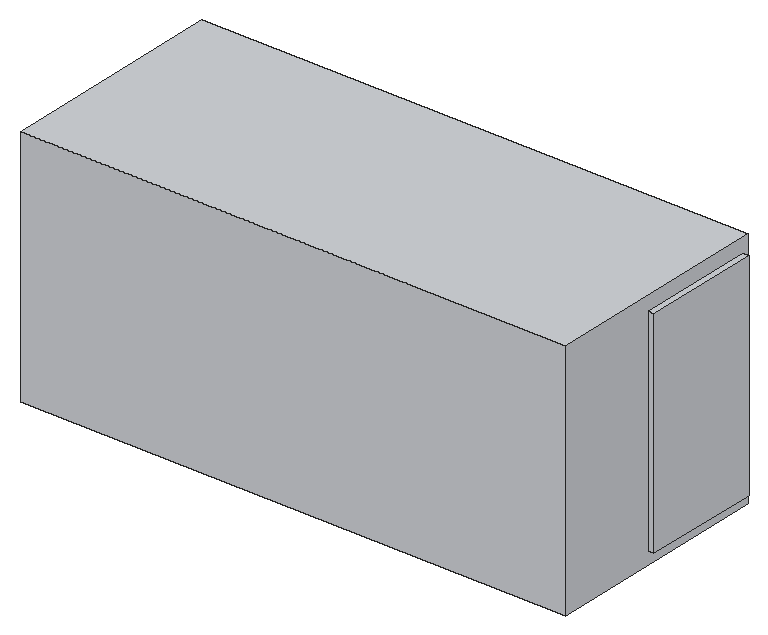
Revit family "M_Unidade de manipulação de ar - Sistema de divisão - Horizontal", category Equipamento mecânico, Revit 2019
Family settings
  Cota do conector redondo = Usar raio
  Tipo de parte = Normal
  Número OmniClass = 23.75.35.14.17
  Título OmniClass = Modular Indoor Air Handling Units
  ID de item do Seek = Air Handling Unit - Split System - Horizontal-0000-CAN-ENU
  Com base no plano de trabalho = Não
  Sempre na vertical = Sim
  Corte com vazios quando carregada = Não
  Compartilhado = Não
  Ponto de cálculo do ambiente = Não
Parameters (values of type "31600000 J")
  Largura = 540 mm
  Voltagem = 208 V
  Classificação de carga = Refrigeração
  Pressão estática externa [instance] = 124.0 Pa
  Fluxo de ar de fornecimento [instance] = 361.0 L/s
  Retorno do fluxo de ar [instance] = 361.0 L/s
  Pólos = 3
  Comprimento = 1296 mm
  Altura = 575 mm
  Capacidade de aquecimento = 34816843 J
  Cota H = Comprimento - Cota G  # 626 mm
  Cota G = 670 mm
  Cota F = 510 mm
  Cota E = 560 mm
  Cota D = 510 mm
  Cota A = 280 mm
  Capacidade de refrigeração = 36293921 J
  Raio da condensação = Diâmetro da condensação / 2  # 10 mm
  Diâmetro da condensação = 20 mm
  Assembly Code = ""
  Carga aparente = 516 VA
Types (3, lengths in mm): name | Fluxo de ar de fornecimento | Retorno do fluxo de ar | Comprimento | Altura | Capacidade de aquecimento | Cota H | Cota G | Cota E | Cota D | Capacidade de refrigeração | Carga aparente
  31600000 J | 361.0 L/s | 361.0 L/s | 1296 | 575 | 34816843 J | 626 | 670 | 560 | 510 | 36293921 J | 516 VA
  50600000 J | 722.0 L/s | 722.0 L/s | 1486 | 626 | 46949985 J | 791 | 695 | 610 | 508 | 49060097 J | 624 VA
  63300000 J | 839.0 L/s | 839.0 L/s | 1486 | 625 | 60665711 J | 791 | 695 | 610 | 508 | 56445488 J | 1040 VA
Reference planes
  plane 1 "Centro (Frente/Trás)": y = 0
  plane 2: z = 0
  plane 3 "Centro (Esquerda/Direita)": x = 0
  plane 4: y = 540
  plane 5: x = 1296
  plane 6: x = 1311.875
  plane 7: y = 520.95
  plane 8: y = 241.55
  plane 9: y = 25.4
  plane 10: x = 626
  plane 11: z = 575
  plane 12: z = 287.5
  plane 13: z = 542.5
  plane 14: z = 32.5
  plane 15: x = 25.4
  plane 16: z = 287.5
  plane 17: z = 567.5
  plane 18: y = 15
  plane 19: y = 270
  plane 20: y = 525
  plane 21: z = 7.5
  plane 22: y = 50.8
  plane 23: z = 524.2
  plane 24: x = 146.05
  plane 25: z = 38.1
  plane 26: x = 190.5
Forms (mm)
  Extrusion 1, solid
    sketch origin (0, 0, 0) x (1, 0, 0) y (0, 1, 0)
      loop
        line (0, 540) -> (0, 0) -> (1296, 0) -> (1296, 540) -> (0, 540)
    from 0 to 575
  Extrusion 2, solid
    sketch origin (0, 0, 0) x (1, 0, 0) y (0, 1, 0)
      loop
        line (1311.875, 241.55) -> (1311.875, 520.95) -> (1296, 520.95) -> (1296, 241.55) -> (1311.875, 241.55)
    from 32.5 to 542.5
Lines and regions (mm)
  model lines
    curve 1: line (25.4, 0, 575) -> (25.4, 0, 0)
    curve 2: line (0, 25.4, 575) -> (1296, 25.4, 575)
    curve 3: line (626, 25.4, 575) -> (626, 0, 575)
    curve 4: line (0, 525, 567.5) -> (0, 15, 567.5)
    curve 5: line (0, 525, 7.5) -> (0, 525, 567.5)
    curve 6: line (0, 15, 7.5) -> (0, 525, 7.5)
    curve 7: line (0, 0, 567.5) -> (0, 0, 7.5)
    curve 8: line (0, 15, 567.5) -> (0, 15, 7.5)
    curve 9: line (1296, 520.95, 542.5) -> (1296, 241.55, 542.5)
Dimensions and locks
  "Largura": plane 1 "Centro (Frente/Trás)" to plane 4
  "Comprimento": plane 3 "Centro (Esquerda/Direita)" to plane 5
  locked: plane 5 to plane 6 at 15.875
  locked: plane 4 to plane 7 at 19.05
  locked: plane 7 to plane 8 at 279.4
  locked: plane 9 to plane 1 "Centro (Frente/Trás)" at 25.4
  "Cota G": plane 10 to plane 5
  equal spacing: plane 11, plane 12, level
  "Altura": plane 11 to level
  equal spacing: plane 13, plane 12, plane 14
  "Cota D": plane 13 to plane 14
  locked: plane 15 to plane 3 "Centro (Esquerda/Direita)" at 25.4
  equal spacing: plane 11, plane 16, level
  equal spacing: plane 4, plane 19, plane 1 "Centro (Frente/Trás)"
  equal spacing: plane 17, plane 16, plane 21
  equal spacing: plane 20, plane 19, plane 18
  "Cota F": plane 20 to plane 18
  "Cota E": plane 17 to plane 21
  locked: plane 1 "Centro (Frente/Trás)" to plane 22 at 50.8
  locked: plane 23 to plane 11 at 50.8
  locked: plane 25 to level at 38.1
  locked: plane 24 to plane 3 "Centro (Esquerda/Direita)" at 146.05
  locked: plane 26 to plane 24 at 44.45
  aligned and locked: plane 3 "Centro (Esquerda/Direita)" to Extrusion 1 sketch curve
  aligned and locked: Extrusion 1 sketch curve to plane 4
  aligned and locked: plane 1 "Centro (Frente/Trás)" to Extrusion 1 sketch curve
  aligned and locked: Extrusion 1 sketch curve to plane 5
  aligned and locked: plane 6 to Extrusion 2 sketch curve
  aligned and locked: Extrusion 2 sketch curve to plane 8
  aligned and locked: plane 7 to Extrusion 2 sketch curve
  aligned and locked: plane 11 to Extrusion 1
  aligned and locked: plane 13 to Extrusion 2
  aligned and locked: plane 14 to Extrusion 2
  aligned and locked: curve 1 to plane 15
  aligned and locked: plane 11 to curve 1
  aligned and locked: plane 3 "Centro (Esquerda/Direita)" to curve 2
  aligned and locked: curve 2 to plane 9
  aligned and locked: curve 3 to plane 10
  aligned and locked: plane 9 to curve 3
  aligned and locked: plane 1 "Centro (Frente/Trás)" to curve 3
  aligned and locked: plane 20 to curve 4
  aligned and locked: plane 17 to curve 4
  aligned and locked: plane 21 to curve 7
  aligned and locked: plane 1 "Centro (Frente/Trás)" to curve 7
  aligned and locked: plane 18 to curve 8
  aligned and locked: plane 17 to curve 8
  aligned and locked: plane 21 to curve 8
  aligned and locked: connector elem to plane 23
  aligned and locked: connector elem to plane 22
  aligned and locked: connector elem to plane 24
  aligned and locked: plane 25 to connector elem  (x2)
  aligned and locked: connector elem to plane 26
  aligned and locked: Extrusion 2 to curve 9
  aligned and locked: curve 9 to Extrusion 2
  aligned and locked: plane 5 to Extrusion 1
  aligned and locked: plane 8 to curve 9
Automatic sketch dimensions
  plane 5 to Extrusion 2 sketch curve = 0 mm
  curve 1 to level = 0 mm
  curve 2 to Extrusion 1 = 0 mm
  curve 7 to plane 17 = 0 mm
Connectors
  electrical at (1296, 50.8, 524.2), driven by "Pólos", driven by "Voltagem", driven by "Carga aparente", driven by "Classificação de carga"
    settings: on plane 5, index 1, voltage 208 V, apparent load 516 VA, apparent load phase1 0 VA, apparent load phase2 0 VA, apparent load phase3 0 VA, power factor 0.8, load classification "Refrigeração", number of poles 3, system type 30, power factor state 1, is connector primary yes, connector utility no, sub classification motor no, connector description ""
  piping at (146.05, 0, 38.1), diameter 20, driven by "Raio da condensação"
    settings: on plane 1 "Centro (Frente/Trás)", index 2, connector inside diameter 20 mm, connector length 0 mm, flow factor 0, pipe flow 0.0 L/s, pressure drop 0.0 Pa, fitting loss kfactor 0, connector angle 0.00°, fixture units 0, engagement length 0 mm, angle of deflection 0.00°, flow configuration 1, flow direction 1, fitting loss method 0, system type 22, joint type 0, gender type 0, connector reference index 3, connector utility 0, adjustable connector no, is connector primary no, connector description ""
  piping at (190.5, 0, 38.1), diameter 20, driven by "Raio da condensação"
    settings: on plane 1 "Centro (Frente/Trás)", index 3, connector inside diameter 20 mm, connector length 0 mm, flow factor 0, pipe flow 0.0 L/s, pressure drop 0.0 Pa, fitting loss kfactor 0, connector angle 0.00°, fixture units 0, engagement length 0 mm, angle of deflection 0.00°, flow configuration 1, flow direction 2, fitting loss method 0, system type 22, joint type 0, gender type 0, connector reference index 2, connector utility 0, adjustable connector no, is connector primary yes, connector description ""
  hvac at (0, 270, 287.5), driven by "Retorno do fluxo de ar", driven by "Cota E", driven by "Cota F"
    settings: on Extrusion 1, index 4, duct flow 361.0 L/s, flow factor 0, pres drop 0.0 Pa, loss coef 0, conn angle 0.00°, conn width 510 mm, conn height 560 mm, conn diameter 609.6 mm, duct sys type 2, conn prof type 1, flow config 0, flow direction 1, loss method 0, conn ref index 5, conn util no, is conn primary no, conn desc ""
  hvac at (1311.875, 381.25, 287.5), driven by "Fluxo de ar de fornecimento", driven by "Cota D", driven by "Cota A"
    settings: on Extrusion 2, index 5, duct flow 361.0 L/s, flow factor 0, pres drop 0.0 Pa, loss coef 0, conn angle 0.00°, conn width 280 mm, conn height 510 mm, conn diameter 609.6 mm, duct sys type 1, conn prof type 1, flow config 0, flow direction 2, loss method 0, conn ref index 4, conn util no, is conn primary yes, conn desc ""
